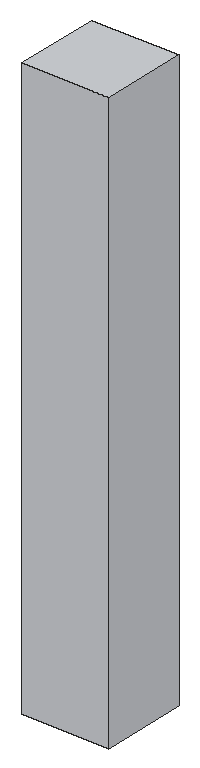
Revit family "Column", category Columns, Revit 2020
Family settings
  OmniClass Number = 23.25.30.11.14.11
  OmniClass Title = Columns
  Cut with Voids When Loaded = No
  Automatically joins geometry to walls = Yes
  Shared = No
  Show family pre-cut in plan views = Yes
Parameters
  Depth = 600 mm
  Width = 600 mm
Reference planes
  plane 1 "Center (Front/Back)": y = 0
  plane 2: z = 0
  plane 3 "Center (Left/Right)": x = 0
  plane 4 "Left": x = -300
  plane 5 "Right": x = 300
  plane 6 "Back": y = 300
  plane 7 "Front": y = -300
Forms (mm)
  Extrusion 1, solid
    sketch origin (0, 0, 0) x (1, 0, 0) y (0, 1, 0)
      loop
        line (-300, 300) -> (-300, -300) -> (300, -300) -> (300, 300) -> (-300, 300)
    from 0 to 4000
Dimensions and locks
  equal spacing: plane 4 "Left", plane 3 "Center (Left/Right)", plane 5 "Right"
  equal spacing: plane 7 "Front", plane 1 "Center (Front/Back)", plane 6 "Back"
  "Width": plane 4 "Left" to plane 5 "Right"
  "Depth": plane 7 "Front" to plane 6 "Back"
  aligned and locked: level to plane 2
Automatic sketch dimensions
  Extrusion 1 sketch curve to plane 4 "Left" = 0 mm
  Extrusion 1 sketch curve to plane 5 "Right" = 0 mm
  plane 7 "Front" to Extrusion 1 sketch curve = 0 mm
  plane 6 "Back" to Extrusion 1 sketch curve = 0 mm
